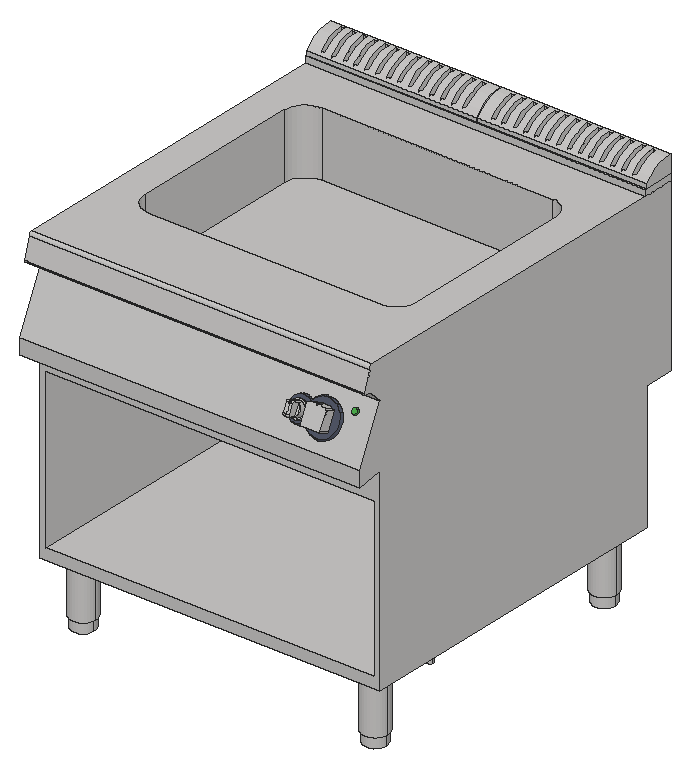
Revit family "QF_ZANUSSI_392142_Z9MFGHDIO0", category Specialty Equipment, Revit 2018
Family settings
  Round Connector Dimension = Use Diameter
  Part Type = Normal
  Work Plane-Based = No
  Always vertical = Yes
  Cut with Voids When Loaded = No
  Shared = No
  Room Calculation Point = No
Parameters
  Width = 800 mm  # constant formula
  Weight in Pounds = 115  # constant formula
  Weight = 0.00 kg
  Watts = 0 W
  Waste Water Discharge Temperature [instance] = -459.67 °F
  Volts = 0 V
  URL Manufacturer = "http://www.zanussiprofessional.com"
  URL Cutsheet = "www.electrolux.com/foodservice"
  URL = "http://www.zanussiprofessional.com"
  Type Mark [instance] = ""
  Steam Supply Size = 0"
  Steam Supply Minimum Pressure = 0.00 psi
  Steam Supply Maximum Pressure = 0.00 psi
  Steam Pounds per Hour = 0
  Status [instance] = ""
  Specification by User [instance] = ""
  Specification by Manufacturer = ""
  Show Logo [instance] = yes
  Show Clearance [instance] = yes
  Serial Number = ""
  Seismic Rating = ""
  SMACNA No = ""
  Revision Code [instance] = ""
  Refrigeration Suction Line Size = 0"
  Refrigeration Liquid Line Size = 0"
  Refrigerant Compressor Remote = yes
  Plumbing Remarks [instance] = ""
  Plumbing Connection Type [instance] = ""
  Phase = 0
  Omniclass Number and Title = ""
  NAFEM Spec ID Number = ""
  Model = "Z9MFGHDIO0"
  Mechanical Remarks [instance] = ""
  Mechanical Connection Type [instance] = ""
  Masterspec = ""
  Manufacturer = "Zanussi"
  Length Actual = 800 mm  # constant formula
  Item Number [instance] = "392142"
  Installed By [instance] = ""
  Indirect Waste Size = 2"
  Indirect Waste Flow [instance] = 0 GPM
  Indirect Waste Connection Type [instance] = ""
  Indirect Waste Connection Height = 0 mm
  Identify Quantity as Lot [instance] = yes
  Hot Water Size = 0"
  Height Actual = 850 mm  # constant formula
  Height = 850 mm  # constant formula
  HP = "0 HP"
  Gas Size = 1/2"  # constant formula
  Gas RI Height [instance] = 0 mm
  Gas KW = 14  # constant formula
  Gas Input = 47726.0 Btu/h  # constant formula
  Gas Connection Height [instance] = 0 mm
  Furnished By [instance] = ""
  Foodservice Equipment Identifier [instance] = yes
  Direct Waste Size = 0"
  Description = "GAS MULTIF. COOKER COMPOUND BOTTOM 22L"
  Depth Actual = 900 mm  # constant formula
  Depth = 915 mm  # constant formula
  Cycle = 0 Hz
  Condensate Return Size = 0"
  Compressed Air Volume = 0 GPM
  Compressed Air Size = 0"
  Compressed Air Pressure = 0.00 psi
  Cold Water Size = 0"
  CSI MasterFormat = ""
  CSI Master Format = ""
  Base Height [instance] = 150 mm  # constant formula
  Accessory = yes
Reference planes
  plane 1 "BACK": y = 0
  plane 2: z = 0
  plane 3 "LEFT": x = 0
  plane 4 "RIGHT": x = 800
  plane 5 "FRONT": y = -915
  plane 6 "TOP": z = 850
  plane 7 "Center Y": x = 400
  plane 8 "Center X": y = -457.5
  plane 9: z = 150
  plane 10: y = -126
  plane 11: y = -799
  plane 12: y = -695
  plane 13: x = 56
  plane 14: x = 744
  plane 15: x = 753
  plane 16: z = 908
  plane 17: x = 789
Forms (mm)
  Extrusion 1, solid, material "QF_Finishes_Stainless Steel"
    sketch origin (0, -198.623, 0) x (0, 1, 0) y (0, 0, 1)
      loop
        line (198.623, 450.038) -> (198.623, 850) -> (-680.735, 850)
        arc (-680.735, 850) -> (-686.02, 847.811) -> (-688.209, 842.526) r 7.474
        line (-688.209, 842.526) -> (-701.26, 797.011)
        arc (-701.26, 797.011) -> (-700.772, 794.379) -> (-698.377, 793.184) r 3
        line (-698.377, 793.184) -> (-688.178, 793.184) -> (-656.358, 761.364) -> (-716.377, 640.508) -> (-716.377, 605.508) -> (-660.022, 613.428)
        arc (-660.022, 613.428) -> (-657.477, 612.674) -> (-656.377, 610.259) r 3.2
        line (-656.377, 610.259) -> (-656.377, 150) -> (127.186, 150) -> (127.186, 450.038) -> (198.623, 450.038)
    from 0 to 800
  Extrusion 2, void
    sketch origin (0, -198.623, 850.238) x (-1, 0, 0) y (0, -1, 0)
      loop
        line (-670, -11.863) -> (-128.433, -11.863)
        arc (-128.433, -11.863) -> (-93.078, 2.782) -> (-78.433, 38.137) r 50
        line (-78.433, 38.137) -> (-78.433, 446.377)
        arc (-78.433, 446.377) -> (-93.078, 481.732) -> (-128.433, 496.377) r 50
        line (-128.433, 496.377) -> (-670, 496.377)
        arc (-670, 496.377) -> (-705.355, 481.732) -> (-720, 446.377) r 50
        line (-720, 446.377) -> (-720, 38.137)
        arc (-720, 38.137) -> (-705.355, 2.782) -> (-670, -11.863) r 50
    from 0 to -152.4
  Extrusion 3, solid, material "QF_Clearances", visible <- "Show Clearance", detail levels coarse
    sketch origin (0, -198.623, 0) x (1, 0, 0) y (0, 1, 0)
      loop
        line (0, -716.377) -> (0, 198.623) -> (800, 198.623) -> (800, -716.377) -> (950.019, -716.377) -> (950.019, 348.642) -> (-150.019, 348.642) -> (-150.019, -716.377) -> (0, -716.377)
    from 0 to 850.238
  Revolve 4, solid, material "QF_Finishes_Stainless Steel"
    sketch origin (0, -126, 608.09) x (0, 0, 1) y (-1, 0, 0)
      loop
        line (-608.09, -56) -> (-458.09, -56) -> (-458.09, -26) -> (-583.09, -26) -> (-583.09, -29.75) -> (-608.09, -29.75) -> (-608.09, -56)
      axis (-608.09, -56) -> (-458.09, -56)
    angle from 0 to 360
  Revolve 5, solid, material "QF_Finishes_Stainless Steel"
    sketch origin (800.1, -126, 608.09) x (0, 0, 1) y (-1, 0, 0)
      loop
        line (-608.09, 56.1) -> (-608.09, 29.85) -> (-583.09, 29.85) -> (-583.09, 26.1) -> (-458.09, 26.1) -> (-458.09, 56.1) -> (-608.09, 56.1)
      axis (-608.09, 56.1) -> (-458.09, 56.1)
    angle from 0 to 360
  Extrusion 6, solid, material "QF_Finishes_Stainless Steel"
    sketch origin (-77.88, -4770.623, 533.7) x (-1, 0, 0) y (0, -1, 0)
      loop
        circle (-368.88, -4124.623) r 25.4
    from 67.3 to -12.7
  Extrusion 7, void
    sketch origin (0, -858.023, 150) x (0, 0, -1) y (-1, 0, 0)
      loop
        line (-25.4, -12.7) -> (-397.9, -12.7) -> (-397.9, -787.3) -> (-25.4, -787.3) -> (-25.4, -12.7)
    from 0 to 570.276
  Extrusion 8, void
    sketch origin (0, -198.623, 697.838) x (0, -1, 0) y (-1, 0, 0)
      loop
        circle (447.377, -291) r 25.4
    from 0 to 96.838
  Extrusion 9, solid, material "QF_Finishes_Stainless Steel"
    sketch origin (0, -70, 150) x (-1, 0, 0) y (0, 1, 0)
      loop
        circle (-789, -624) r 6.604
    from 0 to 12.7
  Extrusion 10, solid, material "QF_Finishes_Stainless Steel"
    sketch origin (-45.315, -48.869, 150) x (-1, 0, 0) y (0, 1, 0)
      loop
        circle (-798.315, -601.131) r 6.35
    from 0 to 12.7
  Extrusion 11, solid, material "QF_Finishes_Stainless Steel"
    sketch origin (0, -198.623, 14.763) x (0, 1, 0) y (0, 0, 1)
      loop
        line (198.623, 850) -> (125, 850) -> (125, 835.237) -> (198.623, 835.237) -> (198.623, 850)
    from 0 to 800
  Extrusion 12, solid, material "QF_Finishes_Stainless Steel"
    sketch origin (0, 0, 589.025) x (0, 1, 0) y (0, 0, 1)
      loop
        line (0, 275.738) -> (0, 318.975)
        arc (0, 318.975) -> (-38.83, 310.044) -> (-69.85, 285.038) r 88.827
        line (-69.85, 285.038) -> (-69.85, 275.738) -> (0, 275.738)
    from 0 to 400
  Extrusion 13, void
    sketch origin (0, 0, 863.663) x (0, -1, 0) y (1, 0, 0)
      loop
        line (6.761, 28.703) -> (63.911, 28.703) -> (63.911, 37.999) -> (6.761, 37.999) -> (6.761, 28.703)
      loop
        line (63.911, 63.487) -> (6.761, 63.487) -> (6.761, 54.191) -> (63.911, 54.191) -> (63.911, 63.487)
      loop
        line (63.911, 89.975) -> (6.761, 89.975) -> (6.761, 80.68) -> (63.911, 80.68) -> (63.911, 89.975)
      loop
        line (63.911, 115.464) -> (6.761, 115.464) -> (6.761, 106.168) -> (63.911, 106.168) -> (63.911, 115.464)
      loop
        line (63.911, 140.952) -> (6.761, 140.952) -> (6.761, 131.656) -> (63.911, 131.656) -> (63.911, 140.952)
      loop
        line (63.911, 166.44) -> (6.761, 166.44) -> (6.761, 157.145) -> (63.911, 157.145) -> (63.911, 166.44)
      loop
        line (63.911, 191.929) -> (6.761, 191.929) -> (6.761, 182.633) -> (63.911, 182.633) -> (63.911, 191.929)
      loop
        line (63.911, 217.417) -> (6.761, 217.417) -> (6.761, 208.121) -> (63.911, 208.121) -> (63.911, 217.417)
      loop
        line (63.911, 242.905) -> (6.761, 242.905) -> (6.761, 233.61) -> (63.911, 233.61) -> (63.911, 242.905)
      loop
        line (63.911, 268.394) -> (6.761, 268.394) -> (6.761, 259.098) -> (63.911, 259.098) -> (63.911, 268.394)
      loop
        line (63.911, 293.882) -> (6.761, 293.882) -> (6.761, 284.586) -> (63.911, 284.586) -> (63.911, 293.882)
      loop
        line (63.911, 319.37) -> (6.761, 319.37) -> (6.761, 310.075) -> (63.911, 310.075) -> (63.911, 319.37)
      loop
        line (63.911, 345.859) -> (6.761, 345.859) -> (6.761, 336.563) -> (63.911, 336.563) -> (63.911, 345.859)
      loop
        line (63.911, 370.347) -> (6.761, 370.347) -> (6.761, 361.051) -> (63.911, 361.051) -> (63.911, 370.347)
    from 10.267 to 63.5
  Extrusion 14, solid, material "QF_Finishes_Green"
    sketch origin (300, -911.706, 647.191) x (0, 0.444967, 0.895547) y (-1, 0, 0)
      loop
        circle (93.566, -454.95) r 6.35
    from 0 to 3.175
  Extrusion 15, solid, material "QF_Finishes_Stainless Steel"
    sketch origin (800, 0, 589.025) x (0, 1, 0) y (0, 0, -1)
      loop
        line (0, -275.738) -> (-69.85, -275.738) -> (-69.85, -285.038)
        arc (-69.85, -285.038) -> (-38.83, -310.044) -> (0, -318.975) r 88.827
        line (0, -318.975) -> (0, -275.738)
    from 0 to 400
  Extrusion 16, void
    sketch origin (800, 0, 863.663) x (0, -1, 0) y (1, 0, 0)
      loop
        line (6.761, -28.703) -> (6.761, -37.999) -> (63.911, -37.999) -> (63.911, -28.703) -> (6.761, -28.703)
      loop
        line (63.911, -63.487) -> (63.911, -54.191) -> (6.761, -54.191) -> (6.761, -63.487) -> (63.911, -63.487)
      loop
        line (63.911, -89.975) -> (63.911, -80.68) -> (6.761, -80.68) -> (6.761, -89.975) -> (63.911, -89.975)
      loop
        line (63.911, -115.464) -> (63.911, -106.168) -> (6.761, -106.168) -> (6.761, -115.464) -> (63.911, -115.464)
      loop
        line (63.911, -140.952) -> (63.911, -131.656) -> (6.761, -131.656) -> (6.761, -140.952) -> (63.911, -140.952)
      loop
        line (63.911, -166.44) -> (63.911, -157.145) -> (6.761, -157.145) -> (6.761, -166.44) -> (63.911, -166.44)
      loop
        line (63.911, -191.929) -> (63.911, -182.633) -> (6.761, -182.633) -> (6.761, -191.929) -> (63.911, -191.929)
      loop
        line (63.911, -217.417) -> (63.911, -208.121) -> (6.761, -208.121) -> (6.761, -217.417) -> (63.911, -217.417)
      loop
        line (63.911, -242.905) -> (63.911, -233.61) -> (6.761, -233.61) -> (6.761, -242.905) -> (63.911, -242.905)
      loop
        line (63.911, -268.394) -> (63.911, -259.098) -> (6.761, -259.098) -> (6.761, -268.394) -> (63.911, -268.394)
      loop
        line (63.911, -293.882) -> (63.911, -284.586) -> (6.761, -284.586) -> (6.761, -293.882) -> (63.911, -293.882)
      loop
        line (63.911, -319.37) -> (63.911, -310.075) -> (6.761, -310.075) -> (6.761, -319.37) -> (63.911, -319.37)
      loop
        line (63.911, -345.859) -> (63.911, -336.563) -> (6.761, -336.563) -> (6.761, -345.859) -> (63.911, -345.859)
      loop
        line (63.911, -370.347) -> (63.911, -361.051) -> (6.761, -361.051) -> (6.761, -370.347) -> (63.911, -370.347)
    from 10.267 to 63.5
  Revolve 17, solid, material "QF_Finishes_Stainless Steel"
    sketch origin (0, -799, 608.09) x (0, 0, 1) y (-1, 0, 0)
      loop
        line (-608.09, -56) -> (-458.09, -56) -> (-458.09, -26) -> (-583.09, -26) -> (-583.09, -29.75) -> (-608.09, -29.75) -> (-608.09, -56)
      axis (-608.09, -56) -> (-458.09, -56)
    angle from 0 to 360
  Revolve 18, solid, material "QF_Finishes_Stainless Steel"
    sketch origin (800.1, -799, 608.09) x (0, 0, 1) y (-1, 0, 0)
      loop
        line (-608.09, 56.1) -> (-608.09, 29.85) -> (-583.09, 29.85) -> (-583.09, 26.1) -> (-458.09, 26.1) -> (-458.09, 56.1) -> (-608.09, 56.1)
      axis (-608.09, 56.1) -> (-458.09, 56.1)
    angle from 0 to 360
  Blend 19, solid, material "QF_Finishes_Navy Blue"
    base sketch origin (691.56, -884.991, 700.936) x (1, 0, 0) y (0, 0.444649, 0.895705)
      loop
        arc (-35.05, -24.037) -> (42.5, 0) -> (-35.05, 24.037) r 42.5
        arc (-35.05, 24.037) -> (-83, 0) -> (-35.05, -24.037) r 30
    top sketch origin (691.56, -884.991, 700.936) x (1, 0, 0) y (0, 0.444649, 0.895705)
      loop
        arc (-34.578, -21.086) -> (40.5, 0) -> (-34.578, 21.086) r 40.5
        arc (-34.578, 21.086) -> (-81, 0) -> (-34.578, -21.086) r 28
    from 0 to 5
  Extrusion 20, solid, material "QF_Finishes_Stainless Steel"
    sketch origin (691.56, -884.991, 700.936) x (1, 0, 0) y (0, 0.444649, 0.895705)
      loop
        circle (-55.001, -0.341) r 20
    from 5 to 10
  Revolve 21, solid, material "QF_Finishes_Stainless Steel"
    sketch origin (636.559, -884.991, 700.936) x (0, -0.444649, -0.895705) y (0, -0.895705, 0.444649)
      loop
        line (0.341, 10) -> (16.341, 10) -> (16.341, 37)
        arc (16.341, 37) -> (15.462, 39.121) -> (13.341, 40) r 3
        line (13.341, 40) -> (0.341, 40) -> (0.341, 10)
      axis (0.341, 10) -> (0.341, 40)
    angle from 0 to 360
  Extrusion 22, void
    sketch origin (691.56, -884.991, 700.936) x (1, 0, 0) y (0, -0.895705, 0.444649)
      loop
        line (-62.999, 24.837) -> (-62.999, 40) -> (-71.893, 40) -> (-71.893, 22) -> (-65.835, 22)
        arc (-65.835, 22) -> (-63.827, 22.828) -> (-62.999, 24.837) r 2.827
      loop
        arc (-47.003, 24.837) -> (-46.175, 22.828) -> (-44.167, 22) r 2.827
        line (-44.167, 22) -> (-38.109, 22) -> (-38.109, 40) -> (-47.003, 40) -> (-47.003, 24.837)
    from -20.019 to 20.019
  Extrusion 23, solid, material "QF_Finishes_Stainless Steel"
    sketch origin (691.56, -884.991, 700.936) x (1, 0, 0) y (0, 0.444649, 0.895705)
      loop
        arc (-21.147, 22.789) -> (-22.494, 21.685) -> (-23, 20.019) r 2.997
        line (-23, 20.019) -> (-23, -20.019)
        arc (-23, -20.019) -> (-22.122, -22.138) -> (-20.003, -23.016) r 2.997
        line (-20.003, -23.016) -> (20.003, -23.016)
        arc (20.003, -23.016) -> (22.122, -22.138) -> (23, -20.019) r 2.997
        line (23, -20.019) -> (23, 20.019)
        arc (23, 20.019) -> (22.494, 21.685) -> (21.147, 22.789) r 2.997
        arc (21.147, 22.789) -> (0, 26.984) -> (-21.147, 22.789) r 55.4
    from 10 to 34
  Extrusion 24, solid, material "QF_Plastic-Black-Matte"
    sketch origin (691.56, -884.991, 700.936) x (0, 0.444649, 0.895705) y (0, -0.895705, 0.444649)
      loop
        line (26.984, 34) -> (26.984, 19) -> (27.984, 19) -> (27.984, 34)
        arc (27.984, 34) -> (27.691, 34.707) -> (26.984, 35) r 1
        line (26.984, 35) -> (23.984, 35) -> (23.984, 34) -> (26.984, 34)
    from -1 to 1
  Extrusion 25, solid, material "QF_Plastic-Black-Matte"
    sketch origin (636.559, -884.991, 700.936) x (0, -0.444649, -0.895705) y (0, -0.895705, 0.444649)
      loop
        line (-10.258, 39.984) -> (-10.258, 40.984) -> (-12.874, 40.984)
        arc (-12.874, 40.984) -> (-15.536, 39.882) -> (-16.638, 37.22) r 3.764
        line (-16.638, 37.22) -> (-16.638, 25.027) -> (-15.638, 25.027) -> (-15.638, 37.22)
        arc (-15.638, 37.22) -> (-14.829, 39.175) -> (-12.874, 39.984) r 2.764
        line (-12.874, 39.984) -> (-10.258, 39.984)
    from 1 to -1
  Extrusion 26, solid, material "QF_Finishes_Stainless Steel"
    sketch origin (422.168, -1002.273, 464.681) x (0, 0.444649, 0.895705) y (-1, 0, 0)
      loop
        line (246.264, -286.892) -> (281.264, -286.892) -> (281.264, -251.892) -> (246.264, -251.892) -> (246.264, -286.892)
    from 5 to 10
Cuts and joins
  Extrusion 2, Extrusion 7, Extrusion 8 cuts Extrusion 1
  Extrusion 13, Extrusion 16 cuts Extrusion 12
  Extrusion 16 cuts Extrusion 15
  Extrusion 22 cuts Extrusion 23
  Extrusion 22 cuts Revolve 21
Lines and regions (mm)
  Split face 1
    outline origin (691.56, -889.469, 703.159) x (1, 0, 0) y (0, 0.444649, 0.895705)
      loop
        circle (0, 33) r 1
  Split face 2
    outline origin (691.56, -889.469, 703.159) x (1, 0, 0) y (0, 0.444649, 0.895705)
      loop
        circle (-8.541, 31.876) r 1
  Split face 3
    outline origin (691.56, -889.469, 703.159) x (1, 0, 0) y (0, 0.444649, 0.895705)
      loop
        circle (-16.5, 28.579) r 1
  Split face 4
    outline origin (691.56, -889.469, 703.159) x (1, 0, 0) y (0, 0.444649, 0.895705)
      loop
        circle (-23.335, 23.335) r 1
  Split face 5
    outline origin (691.56, -889.469, 703.159) x (1, 0, 0) y (0, 0.444649, 0.895705)
      loop
        circle (-28.579, 16.5) r 1
  Split face 6
    outline origin (691.56, -889.469, 703.159) x (1, 0, 0) y (0, 0.444649, 0.895705)
      loop
        circle (-31.876, 8.541) r 1
  Split face 7
    outline origin (691.56, -889.469, 703.159) x (1, 0, 0) y (0, 0.444649, 0.895705)
      loop
        circle (-33, 0) r 1
  Split face 8
    outline origin (691.56, -889.469, 703.159) x (-1, 0, 0) y (0, 0.444649, 0.895705)
      loop
        circle (-8.541, 31.876) r 1
  Split face 9
    outline origin (691.56, -889.469, 703.159) x (-1, 0, 0) y (0, 0.444649, 0.895705)
      loop
        circle (-16.5, 28.579) r 1
  Split face 10
    outline origin (691.56, -889.469, 703.159) x (-1, 0, 0) y (0, 0.444649, 0.895705)
      loop
        circle (-23.335, 23.335) r 1
  Split face 11
    outline origin (691.56, -889.469, 703.159) x (-1, 0, 0) y (0, 0.444649, 0.895705)
      loop
        circle (-28.579, 16.5) r 1
  Split face 12
    outline origin (691.56, -889.469, 703.159) x (-1, 0, 0) y (0, 0.444649, 0.895705)
      loop
        circle (-31.876, 8.541) r 1
  Split face 13
    outline origin (691.56, -889.469, 703.159) x (1, 0, 0) y (0, -0.444649, -0.895705)
      loop
        circle (0, 33) r 1
  Split face 14
    outline origin (691.56, -889.469, 703.159) x (1, 0, 0) y (0, -0.444649, -0.895705)
      loop
        circle (-8.541, 31.876) r 1
  Split face 15
    outline origin (691.56, -889.469, 703.159) x (1, 0, 0) y (0, -0.444649, -0.895705)
      loop
        circle (-16.5, 28.579) r 1
  Split face 16
    outline origin (691.56, -889.469, 703.159) x (1, 0, 0) y (0, -0.444649, -0.895705)
      loop
        circle (-23.335, 23.335) r 1
  Split face 17
    outline origin (691.56, -889.469, 703.159) x (1, 0, 0) y (0, -0.444649, -0.895705)
      loop
        circle (-28.579, 16.5) r 1
  Split face 18
    outline origin (691.56, -889.469, 703.159) x (1, 0, 0) y (0, -0.444649, -0.895705)
      loop
        circle (-31.876, 8.541) r 1
  Split face 19
    outline origin (691.56, -889.469, 703.159) x (-1, 0, 0) y (0, -0.444649, -0.895705)
      loop
        circle (-8.541, 31.876) r 1
  Split face 20
    outline origin (691.56, -889.469, 703.159) x (-1, 0, 0) y (0, -0.444649, -0.895705)
      loop
        circle (-16.5, 28.579) r 1
  Split face 21
    outline origin (691.56, -889.469, 703.159) x (-1, 0, 0) y (0, -0.444649, -0.895705)
      loop
        circle (-23.335, 23.335) r 1
  Split face 22
    outline origin (691.56, -889.469, 703.159) x (-1, 0, 0) y (0, -0.444649, -0.895705)
      loop
        circle (-28.579, 16.5) r 1
  Split face 23
    outline origin (691.56, -889.469, 703.159) x (-1, 0, 0) y (0, -0.444649, -0.895705)
      loop
        circle (-31.876, 8.541) r 1
  Split face 24
    outline origin (691.56, -889.469, 703.159) x (1, 0, 0) y (0, 0.444649, 0.895705)
      loop
        circle (33, 0) r 1
  Split face 25
    outline origin (691.56, -889.469, 703.159) x (1, 0, 0) y (0, 0.444649, 0.895705)
      loop
        circle (-55.001, 22) r 1.508
  Split face 26
    outline origin (691.56, -889.469, 703.159) x (1, 0, 0) y (0, 0.444649, 0.895705)
      loop
        circle (-77.001, 5.543) r 1.5
  Split face 27
    outline origin (691.56, -889.469, 703.159) x (1, 0, 0) y (0, 0.444649, 0.895705)
      loop
        line (-56.273, -20.786) -> (-56.273, -25.164) -> (-53.729, -25.164) -> (-53.729, -20.786) -> (-56.273, -20.786)
  Split face 28
    outline origin (691.56, -889.469, 703.159) x (1, 0, 0) y (0, 0.444649, 0.895705)
      loop
        line (-72.599, 14.928) -> (-71.068, 13.398) -> (-62.715, 20.407) -> (-72.599, 14.928)
  symbolic lines, style "QF_Clearances", visible <- "Show Clearance", detail levels coarse
    curve 1: line (-150.019, 150.019, 850.238) -> (-150.019, -915, 850.238)
    curve 2: line (950.019, 150.019, 850.237) -> (-150.019, 150.019, 850.238)
    curve 3: line (950.019, -915, 850.237) -> (950.019, 150.019, 850.237)
  symbolic lines
    curve 4: line (0, 0, 850.238) -> (800, 0, 850.237)
    curve 5: line (0, -915, 850.238) -> (0, 0, 850.238)
    curve 6: line (800, 0, 850.237) -> (800, -915, 850.237)
    curve 7: line (0, -73.623, 850.238) -> (800, -73.623, 850.237)
    curve 8: line (670, -186.761, 850.237) -> (128.433, -186.761, 850.237)
    curve 9: arc (128.433, -186.761, 850.237) -> (93.078, -201.406, 850.238) -> (78.433, -236.761, 850.238) r 50
    curve 10: line (78.433, -236.761, 850.238) -> (78.433, -645, 850.238)
    curve 11: arc (78.433, -645, 850.238) -> (93.078, -680.355, 850.238) -> (128.433, -695, 850.237) r 50
    curve 12: line (128.433, -695, 850.237) -> (670, -695, 850.237)
    curve 13: arc (670, -186.761, 850.237) -> (705.355, -201.406, 850.237) -> (720, -236.761, 850.237) r 50
    curve 14: line (720, -236.761, 850.237) -> (720, -645, 850.237)
    curve 15: arc (720, -645, 850.237) -> (705.355, -680.355, 850.237) -> (670, -695, 850.237) r 50
    curve 16: arc (291, -620.6, 850.237) -> (316.4, -646, 850.237) -> (291, -671.4, 850.237) r 25.4
    curve 17: arc (291, -671.4, 850.237) -> (265.6, -646, 850.237) -> (291, -620.6, 850.237) r 25.4
    curve 18: line (28.703, -63.911, 850.238) -> (37.999, -63.911, 850.238)
    curve 19: line (28.703, -6.761, 850.238) -> (28.703, -63.911, 850.238)
    curve 20: line (37.999, -6.761, 850.238) -> (28.703, -6.761, 850.238)
    curve 21: line (37.999, -63.911, 850.238) -> (37.999, -6.761, 850.238)
    curve 22: line (54.191, -63.911, 850.238) -> (63.487, -63.911, 850.238)
    curve 23: line (54.191, -6.761, 850.238) -> (54.191, -63.911, 850.238)
    curve 24: line (63.487, -6.761, 850.238) -> (54.191, -6.761, 850.238)
    curve 25: line (63.487, -63.911, 850.238) -> (63.487, -6.761, 850.238)
    curve 26: line (80.68, -63.911, 850.237) -> (89.975, -63.911, 850.237)
    curve 27: line (80.68, -6.761, 850.237) -> (80.68, -63.911, 850.237)
    curve 28: line (89.975, -6.761, 850.237) -> (80.68, -6.761, 850.237)
    curve 29: line (89.975, -63.911, 850.237) -> (89.975, -6.761, 850.237)
    curve 30: line (106.168, -63.911, 850.237) -> (115.464, -63.911, 850.237)
    curve 31: line (106.168, -6.761, 850.237) -> (106.168, -63.911, 850.237)
    curve 32: line (115.464, -6.761, 850.237) -> (106.168, -6.761, 850.237)
    curve 33: line (115.464, -63.911, 850.237) -> (115.464, -6.761, 850.237)
    curve 34: line (131.656, -63.911, 850.237) -> (140.952, -63.911, 850.237)
    curve 35: line (131.656, -6.761, 850.237) -> (131.656, -63.911, 850.237)
    curve 36: line (140.952, -6.761, 850.237) -> (131.656, -6.761, 850.237)
    curve 37: line (140.952, -63.911, 850.237) -> (140.952, -6.761, 850.237)
    curve 38: line (157.145, -63.911, 850.237) -> (166.44, -63.911, 850.237)
    curve 39: line (157.145, -6.761, 850.237) -> (157.145, -63.911, 850.237)
    curve 40: line (166.44, -6.761, 850.237) -> (157.145, -6.761, 850.237)
    curve 41: line (166.44, -63.911, 850.237) -> (166.44, -6.761, 850.237)
    curve 42: line (182.633, -63.911, 850.237) -> (191.929, -63.911, 850.237)
    curve 43: line (182.633, -6.761, 850.237) -> (182.633, -63.911, 850.237)
    curve 44: line (191.929, -6.761, 850.237) -> (182.633, -6.761, 850.237)
    curve 45: line (191.929, -63.911, 850.237) -> (191.929, -6.761, 850.237)
    curve 46: line (208.121, -63.911, 850.237) -> (217.417, -63.911, 850.237)
    curve 47: line (208.121, -6.761, 850.237) -> (208.121, -63.911, 850.237)
    curve 48: line (217.417, -6.761, 850.237) -> (208.121, -6.761, 850.237)
    curve 49: line (217.417, -63.911, 850.237) -> (217.417, -6.761, 850.237)
    curve 50: line (233.61, -63.911, 850.237) -> (242.905, -63.911, 850.237)
    curve 51: line (233.61, -6.761, 850.237) -> (233.61, -63.911, 850.237)
    curve 52: line (242.905, -6.761, 850.237) -> (233.61, -6.761, 850.237)
    curve 53: line (242.905, -63.911, 850.237) -> (242.905, -6.761, 850.237)
    curve 54: line (259.098, -63.911, 850.237) -> (268.394, -63.911, 850.237)
    curve 55: line (259.098, -6.761, 850.237) -> (259.098, -63.911, 850.237)
    curve 56: line (268.394, -6.761, 850.237) -> (259.098, -6.761, 850.237)
    curve 57: line (268.394, -63.911, 850.237) -> (268.394, -6.761, 850.237)
    curve 58: line (284.586, -63.911, 850.237) -> (293.882, -63.911, 850.237)
    curve 59: line (284.586, -6.761, 850.237) -> (284.586, -63.911, 850.237)
    curve 60: line (293.882, -6.761, 850.237) -> (284.586, -6.761, 850.237)
    curve 61: line (293.882, -63.911, 850.237) -> (293.882, -6.761, 850.237)
    curve 62: line (310.075, -63.911, 850.237) -> (319.37, -63.911, 850.237)
    curve 63: line (310.075, -6.761, 850.237) -> (310.075, -63.911, 850.237)
    curve 64: line (319.37, -6.761, 850.237) -> (310.075, -6.761, 850.237)
    curve 65: line (319.37, -63.911, 850.237) -> (319.37, -6.761, 850.237)
    curve 66: line (336.563, -63.911, 850.237) -> (345.859, -63.911, 850.237)
    curve 67: line (336.563, -6.761, 850.237) -> (336.563, -63.911, 850.237)
    curve 68: line (345.859, -6.761, 850.237) -> (336.563, -6.761, 850.237)
    curve 69: line (345.859, -63.911, 850.237) -> (345.859, -6.761, 850.237)
    curve 70: line (361.051, -63.911, 850.237) -> (370.347, -63.911, 850.237)
    curve 71: line (361.051, -6.761, 850.237) -> (361.051, -63.911, 850.237)
    curve 72: line (370.347, -6.761, 850.237) -> (361.051, -6.761, 850.237)
    curve 73: line (370.347, -63.911, 850.237) -> (370.347, -6.761, 850.237)
    curve 74: line (429.653, -63.911, 850.237) -> (438.949, -63.911, 850.237)
    curve 75: line (429.653, -6.761, 850.237) -> (429.653, -63.911, 850.237)
    curve 76: line (438.949, -6.761, 850.237) -> (429.653, -6.761, 850.237)
    curve 77: line (438.949, -63.911, 850.237) -> (438.949, -6.761, 850.237)
    curve 78: line (454.141, -63.911, 850.237) -> (463.437, -63.911, 850.237)
    curve 79: line (454.141, -6.761, 850.237) -> (454.141, -63.911, 850.237)
    curve 80: line (463.437, -6.761, 850.237) -> (454.141, -6.761, 850.237)
    curve 81: line (463.437, -63.911, 850.237) -> (463.437, -6.761, 850.237)
    curve 82: line (480.63, -63.911, 850.237) -> (489.925, -63.911, 850.237)
    curve 83: line (480.63, -6.761, 850.237) -> (480.63, -63.911, 850.237)
    curve 84: line (489.925, -6.761, 850.237) -> (480.63, -6.761, 850.237)
    curve 85: line (489.925, -63.911, 850.237) -> (489.925, -6.761, 850.237)
    curve 86: line (506.118, -63.911, 850.237) -> (515.414, -63.911, 850.237)
    curve 87: line (506.118, -6.761, 850.237) -> (506.118, -63.911, 850.237)
    curve 88: line (515.414, -6.761, 850.237) -> (506.118, -6.761, 850.237)
    curve 89: line (515.414, -63.911, 850.237) -> (515.414, -6.761, 850.237)
    curve 90: line (531.606, -63.911, 850.237) -> (540.902, -63.911, 850.237)
    curve 91: line (531.606, -6.761, 850.237) -> (531.606, -63.911, 850.237)
    curve 92: line (540.902, -6.761, 850.237) -> (531.606, -6.761, 850.237)
    curve 93: line (540.902, -63.911, 850.237) -> (540.902, -6.761, 850.237)
    curve 94: line (557.095, -63.911, 850.237) -> (566.39, -63.911, 850.237)
    curve 95: line (557.095, -6.761, 850.237) -> (557.095, -63.911, 850.237)
    curve 96: line (566.39, -6.761, 850.237) -> (557.095, -6.761, 850.237)
    curve 97: line (566.39, -63.911, 850.237) -> (566.39, -6.761, 850.237)
    curve 98: line (582.583, -63.911, 850.237) -> (591.879, -63.911, 850.237)
    curve 99: line (582.583, -6.761, 850.237) -> (582.583, -63.911, 850.237)
    curve 100: line (591.879, -6.761, 850.237) -> (582.583, -6.761, 850.237)
    curve 101: line (591.879, -63.911, 850.237) -> (591.879, -6.761, 850.237)
    curve 102: line (608.071, -63.911, 850.237) -> (617.367, -63.911, 850.237)
    curve 103: line (608.071, -6.761, 850.237) -> (608.071, -63.911, 850.237)
    curve 104: line (617.367, -6.761, 850.237) -> (608.071, -6.761, 850.237)
    curve 105: line (617.367, -63.911, 850.237) -> (617.367, -6.761, 850.237)
    curve 106: line (633.56, -63.911, 850.237) -> (642.855, -63.911, 850.237)
    curve 107: line (633.56, -6.761, 850.237) -> (633.56, -63.911, 850.237)
    curve 108: line (642.855, -6.761, 850.237) -> (633.56, -6.761, 850.237)
    curve 109: line (642.855, -63.911, 850.237) -> (642.855, -6.761, 850.237)
    curve 110: line (659.048, -63.911, 850.237) -> (668.344, -63.911, 850.237)
    curve 111: line (659.048, -6.761, 850.237) -> (659.048, -63.911, 850.237)
    curve 112: line (668.344, -6.761, 850.237) -> (659.048, -6.761, 850.237)
    curve 113: line (668.344, -63.911, 850.237) -> (668.344, -6.761, 850.237)
    curve 114: line (684.536, -63.911, 850.237) -> (693.832, -63.911, 850.237)
    curve 115: line (684.536, -6.761, 850.237) -> (684.536, -63.911, 850.237)
    curve 116: line (693.832, -6.761, 850.237) -> (684.536, -6.761, 850.237)
    curve 117: line (693.832, -63.911, 850.237) -> (693.832, -6.761, 850.237)
    curve 118: line (710.025, -63.911, 850.237) -> (719.32, -63.911, 850.237)
    curve 119: line (710.025, -6.761, 850.237) -> (710.025, -63.911, 850.237)
    curve 120: line (719.32, -6.761, 850.237) -> (710.025, -6.761, 850.237)
    curve 121: line (719.32, -63.911, 850.237) -> (719.32, -6.761, 850.237)
    curve 122: line (736.513, -63.911, 850.237) -> (745.809, -63.911, 850.237)
    curve 123: line (736.513, -6.761, 850.237) -> (736.513, -63.911, 850.237)
    curve 124: line (745.809, -6.761, 850.237) -> (736.513, -6.761, 850.237)
    curve 125: line (745.809, -63.911, 850.237) -> (745.809, -6.761, 850.237)
    curve 126: line (762.001, -63.911, 850.237) -> (771.297, -63.911, 850.237)
    curve 127: line (762.001, -6.761, 850.237) -> (762.001, -63.911, 850.237)
    curve 128: line (771.297, -6.761, 850.237) -> (762.001, -6.761, 850.237)
    curve 129: line (771.297, -63.911, 850.237) -> (771.297, -6.761, 850.237)
    curve 130: line (400, -73.623, 850.237) -> (400, 0, 850.237)
    curve 131: line (668.56, -899.999, 0) -> (668.56, -924.346, 0)
    curve 132: arc (668.56, -924.346, 0) -> (668.707, -924.81, 0) -> (669.093, -925.106, 0) r 0.809
    curve 133: arc (669.093, -925.106, 0) -> (670.28, -925.586, 0) -> (671.558, -925.679, 0) r 4.127
    curve 134: arc (668.56, -904.292, 0) -> (663.519, -902.458, 0) -> (658.751, -899.999, 0) r 42.24
    curve 135: arc (668.56, -906.538, 0) -> (669.063, -905.817, 0) -> (669.86, -905.448, 0) r 1.682
    curve 136: arc (669.86, -905.448, 0) -> (680.162, -903.949, 0) -> (690.56, -903.44, 0) r 109.079
    curve 137: line (690.56, -899.999, 0) -> (690.56, -905.67, 0)
    curve 138: line (690.56, -905.67, 0) -> (692.56, -905.67, 0)
    curve 139: line (692.56, -905.67, 0) -> (692.56, -899.999, 0)
    curve 140: line (714.56, -899.999, 0) -> (714.56, -924.346, 0)
    curve 141: arc (714.56, -924.346, 0) -> (714.414, -924.81, 0) -> (714.028, -925.106, 0) r 0.809
    curve 142: arc (714.028, -925.106, 0) -> (712.841, -925.586, 0) -> (711.563, -925.679, 0) r 4.127
    curve 143: arc (714.56, -904.292, 0) -> (719.602, -902.458, 0) -> (724.37, -899.999, 0) r 42.24
    curve 144: arc (714.56, -906.538, 0) -> (714.058, -905.817, 0) -> (713.261, -905.448, 0) r 1.682
    curve 145: arc (713.261, -905.448, 0) -> (702.959, -903.949, 0) -> (692.56, -903.44, 0) r 109.079
    curve 146: line (671.558, -925.679, 0) -> (711.563, -925.679, 0)
    curve 147: line (628.562, -925.976, 908.9) -> (628.562, -901.223, 908.9)
    curve 148: line (644.557, -901.223, 908.9) -> (644.557, -925.976, 908.9)
    curve 149: spline (625.926, -910.163, 908.9) -> (624.437, -909.49, 908.9) -> (623.161, -908.736, 908.9) -> (622.122, -907.913, 908.9) -> (621.336, -907.036, 908.9) -> (620.818, -906.12, 908.9) -> (620.577, -905.182, 908.9) -> (620.618, -904.239, 908.9) -> (620.939, -903.305, 908.9) -> (621.535, -902.399, 908.9) -> (622.395, -901.536, 908.9) -> (623.504, -900.732, 908.9) -> (624.843, -899.999, 908.9)
    curve 150: spline (648.274, -899.999, 908.9) -> (649.618, -900.734, 908.9) -> (650.731, -901.542, 908.9) -> (651.592, -902.409, 908.9) -> (652.188, -903.319, 908.9) -> (652.506, -904.255, 908.9) -> (652.542, -905.203, 908.9) -> (652.295, -906.144, 908.9) -> (651.769, -907.062, 908.9) -> (650.974, -907.941, 908.9) -> (649.923, -908.765, 908.9) -> (648.636, -909.52, 908.9) -> (647.135, -910.192, 908.9)
    curve 151: spline (647.135, -910.192, 908.9) -> (646.854, -910.321, 908.9) -> (646.573, -910.486, 908.9) -> (646.295, -910.685, 908.9) -> (646.025, -910.917, 908.9) -> (645.767, -911.176, 908.9) -> (645.523, -911.46, 908.9) -> (645.298, -911.764, 908.9) -> (645.096, -912.084, 908.9) -> (644.918, -912.415, 908.9) -> (644.767, -912.753, 908.9) -> (644.646, -913.093, 908.9) -> (644.557, -913.429, 908.9)
    curve 152: spline (628.562, -913.34, 908.9) -> (628.489, -912.986, 908.9) -> (628.382, -912.633, 908.9) -> (628.241, -912.285, 908.9) -> (628.068, -911.949, 908.9) -> (627.866, -911.627, 908.9) -> (627.638, -911.326, 908.9) -> (627.387, -911.05, 908.9) -> (627.117, -910.802, 908.9) -> (626.831, -910.587, 908.9) -> (626.535, -910.407, 908.9) -> (626.231, -910.265, 908.9) -> (625.926, -910.163, 908.9)
    curve 153: line (620.559, -904.846, 908.9) -> (620.559, -899.999, 908.9)
    curve 154: line (652.562, -904.849, 908.9) -> (652.562, -899.999, 908.9)
    curve 155: arc (628.562, -925.976, 908.9) -> (636.559, -927.062, 908.9) -> (644.557, -925.976, 908.9) r 30
    curve 156: arc (628.562, -901.223, 0) -> (628.463, -900.566, 0) -> (628.116, -899.999, 0) r 1.677
    curve 157: arc (644.557, -901.223, 0) -> (644.656, -900.566, 0) -> (645.002, -899.999, 0) r 1.677
    curve 158: line (0, -899.999, 0) -> (800, -899.999, 0)
    curve 159: line (0, -915.128, 0) -> (628.562, -915.128, 0)
    curve 160: line (644.557, -915.128, 0) -> (668.56, -915.128, 0)
    curve 161: line (714.56, -915.128, 0) -> (800, -915.128, 0)
Dimensions and locks
  equal spacing: plane 3 "LEFT", plane 7 "Center Y", plane 4 "RIGHT"
  "Width": plane 3 "LEFT" to plane 4 "RIGHT"
  equal spacing: plane 5 "FRONT", plane 8 "Center X", plane 1 "BACK"
  "Depth": plane 5 "FRONT" to plane 1 "BACK"
  plane 1 "BACK" to plane 5 "FRONT" = 915 mm
  "Base Height": plane 9 to level
  plane 10 to plane 1 "BACK" = 126 mm
  plane 11 to plane 10 = 673 mm
  plane 9 to plane 2 = 150 mm
  plane 12 to plane 1 "BACK" = 695 mm
  plane 6 "TOP" to plane 2 = 850 mm
  Extrusion 8 sketch curve to plane 1 "BACK" = 646 mm
  plane 3 "LEFT" to Extrusion 8 sketch curve = 291 mm
  Extrusion 6 sketch curve to plane 1 "BACK" = 646 mm
  plane 3 "LEFT" to Extrusion 6 sketch curve = 291 mm
  plane 4 "RIGHT" to plane 14 to plane 13 to plane 3 "LEFT" = 56 mm, 688 mm, 56 mm
  Extrusion 6 to level = 521 mm
  Extrusion 6 to plane 1 "BACK" = 646 mm
  plane 3 "LEFT" to curve 17 = 291 mm
  plane 4 "RIGHT" to curve 3 = 150.019 mm
  curve 1 to plane 3 "LEFT" = 150.019 mm
  curve 2 to plane 1 "BACK" = 150.019 mm
  Extrusion 10 sketch curve to plane 1 "BACK" = 650 mm
  Extrusion 10 sketch curve to plane 4 "RIGHT" = 47 mm
  Extrusion 10 to plane 1 "BACK" = 650 mm
  plane 15 to plane 4 "RIGHT" = 47 mm  (x2)
  plane 6 "TOP" to level = 850 mm
  plane 16 to level = 908 mm
  plane 1 "BACK" to Extrusion 10 = 650 mm
  plane 1 "BACK" to plane 12 = 695 mm
  plane 1 "BACK" to plane 10 to plane 11 = 126 mm, 673 mm
  plane 17 to plane 4 "RIGHT" = 11 mm
  plane 6 "TOP" to plane 9 = 700 mm
  aligned and locked: level to plane 2
Automatic sketch dimensions
  curve 15 to plane 12 = 0 mm
  curve 130 to plane 7 "Center Y" = 0 mm
  plane 1 "BACK" to curve 6 = 0 mm
  plane 5 "FRONT" to curve 1 = 0 mm
  plane 5 "FRONT" to curve 3 = 0 mm
  plane 1 "BACK" to curve 128 = 6.761 mm
  curve 128 to plane 15 = 18.297 mm
  curve 126 to plane 15 = 9.001 mm
  plane 14 to curve 122 = 1.809 mm
  curve 122 to plane 14 = 7.487 mm
  curve 15 to plane 14 = 24 mm
  plane 1 "BACK" to curve 120 = 6.761 mm
  curve 123 to curve 120 = 17.193 mm
  curve 120 to curve 119 = 9.296 mm
  plane 1 "BACK" to curve 116 = 6.761 mm
  curve 119 to curve 116 = 16.193 mm
  curve 116 to curve 116 = 9.296 mm
  curve 13 to curve 13 = 50 mm
  curve 14 to curve 15 = 50 mm
  curve 114 to curve 110 = 16.193 mm
  curve 112 to curve 112 = 9.296 mm
  plane 1 "BACK" to curve 108 = 6.761 mm
  curve 111 to curve 108 = 16.193 mm
  curve 106 to curve 106 = 9.296 mm
  plane 1 "BACK" to curve 104 = 6.761 mm
  curve 107 to curve 104 = 16.193 mm
  curve 102 to curve 102 = 9.296 mm
  curve 102 to curve 98 = 16.193 mm
  curve 100 to curve 100 = 9.296 mm
  plane 1 "BACK" to curve 96 = 6.761 mm
  curve 99 to curve 96 = 16.193 mm
  curve 96 to curve 96 = 9.296 mm
  curve 94 to curve 90 = 16.193 mm
  curve 92 to curve 92 = 9.296 mm
  curve 90 to curve 89 = 16.193 mm
  curve 88 to curve 88 = 9.296 mm
  curve 86 to curve 82 = 16.193 mm
  curve 84 to curve 84 = 9.296 mm
  plane 1 "BACK" to curve 80 = 6.761 mm
  curve 83 to curve 80 = 17.193 mm
  curve 80 to curve 80 = 9.296 mm
  plane 1 "BACK" to curve 76 = 6.761 mm
  curve 79 to curve 76 = 15.193 mm
  curve 76 to curve 76 = 9.296 mm
  plane 1 "BACK" to curve 73 = 6.761 mm
  curve 73 to plane 7 "Center Y" = 29.653 mm
  curve 72 to curve 71 = 9.296 mm
  curve 70 to curve 66 = 15.193 mm
  curve 66 to curve 67 = 9.296 mm
  curve 66 to curve 65 = 17.193 mm
  curve 62 to curve 63 = 9.296 mm
  plane 1 "BACK" to curve 61 = 6.761 mm
  curve 63 to curve 61 = 16.193 mm
  curve 60 to curve 59 = 9.296 mm
  plane 1 "BACK" to curve 57 = 6.761 mm
  curve 59 to curve 57 = 16.193 mm
  curve 54 to curve 55 = 9.296 mm
  curve 54 to curve 50 = 16.193 mm
  curve 52 to curve 51 = 9.296 mm
  curve 50 to curve 46 = 16.193 mm
  curve 48 to curve 48 = 9.296 mm
  plane 1 "BACK" to curve 45 = 6.761 mm
  curve 47 to curve 45 = 16.193 mm
  curve 42 to curve 43 = 9.296 mm
  plane 1 "BACK" to curve 40 = 6.761 mm
  curve 43 to curve 40 = 16.193 mm
  curve 40 to curve 39 = 9.296 mm
  plane 1 "BACK" to curve 37 = 6.761 mm
  curve 39 to curve 37 = 16.193 mm
  curve 34 to curve 34 = 9.296 mm
  plane 13 to curve 8 = 72.433 mm
  plane 13 to curve 12 = 72.433 mm
  curve 34 to curve 30 = 16.193 mm
  curve 30 to curve 31 = 9.296 mm
  curve 30 to curve 29 = 16.193 mm
  curve 26 to curve 26 = 9.296 mm
  plane 13 to curve 10 = 22.433 mm
  plane 13 to curve 22 = 7.487 mm
  curve 24 to plane 13 = 1.809 mm
  curve 22 to curve 18 = 16.193 mm
  curve 20 to curve 20 = 9.296 mm
  plane 1 "BACK" to curve 64 = 6.761 mm
  plane 1 "BACK" to curve 112 = 6.761 mm
  plane 1 "BACK" to curve 125 = 6.761 mm
  plane 1 "BACK" to curve 101 = 6.761 mm
  plane 1 "BACK" to curve 19 = 6.761 mm
  plane 1 "BACK" to curve 93 = 6.761 mm
  plane 1 "BACK" to curve 23 = 6.761 mm
  plane 1 "BACK" to curve 89 = 6.761 mm
  plane 1 "BACK" to curve 27 = 6.761 mm
  plane 1 "BACK" to curve 85 = 6.761 mm
  plane 1 "BACK" to curve 31 = 6.761 mm
  plane 1 "BACK" to curve 69 = 6.761 mm
  plane 1 "BACK" to curve 47 = 6.761 mm
  plane 1 "BACK" to curve 51 = 6.761 mm
  curve 55 to curve 55 = 57.15 mm
  curve 54 to curve 58 = 0 mm
  curve 53 to curve 54 = 0 mm
  curve 58 to curve 62 = 0 mm
  curve 49 to curve 50 = 0 mm
  curve 62 to curve 66 = 0 mm
  curve 45 to curve 46 = 0 mm
  curve 66 to curve 70 = 0 mm
  curve 41 to curve 42 = 0 mm
  curve 75 to curve 74 = 57.15 mm
  curve 37 to curve 38 = 0 mm
  curve 74 to curve 78 = 0 mm
  curve 33 to curve 34 = 0 mm
  curve 78 to curve 82 = 0 mm
  curve 29 to curve 30 = 0 mm
  curve 82 to curve 86 = 0 mm
  curve 25 to curve 26 = 0 mm
  curve 86 to curve 90 = 0 mm
  curve 21 to curve 22 = 0 mm
  curve 90 to curve 94 = 0 mm
  curve 115 to curve 114 = 57.15 mm
  curve 94 to curve 98 = 0 mm
  curve 114 to curve 118 = 0 mm
  curve 98 to curve 102 = 0 mm
  curve 118 to curve 122 = 0 mm
  curve 102 to curve 106 = 0 mm
  curve 122 to curve 126 = 0 mm
  curve 106 to curve 110 = 0 mm
  curve 74 to curve 130 = 9.713 mm
  plane 10 to curve 8 = 60.761 mm
  plane 12 to curve 16 = 74.4 mm
  curve 16 to curve 16 = 25.4 mm
  curve 6 to plane 5 "FRONT" = 0 mm
  Extrusion 2 sketch curve to plane 12 = 0 mm
  Extrusion 2 sketch curve to plane 14 = 24 mm
  Extrusion 2 sketch curve to Extrusion 2 sketch curve = 50 mm  (x2)
  plane 13 to Extrusion 2 sketch curve = 72.433 mm  (x2)
  plane 13 to Extrusion 2 sketch curve = 22.433 mm
  plane 10 to Extrusion 2 sketch curve = 110.761 mm
  plane 5 "FRONT" to Extrusion 3 sketch curve = 0 mm  (x2)
  plane 1 "BACK" to Extrusion 3 sketch curve = 0 mm
  Extrusion 3 sketch curve to plane 3 "LEFT" = 0 mm
  Extrusion 3 sketch curve to plane 4 "RIGHT" = 0 mm
  Extrusion 3 sketch curve to plane 3 "LEFT" = 150.019 mm
  plane 4 "RIGHT" to Extrusion 3 sketch curve = 150.019 mm
  Extrusion 3 sketch curve to plane 1 "BACK" = 150.019 mm
  Revolve 4 sketch curve to level = 0 mm
  Revolve 4 sketch curve to plane 9 = 0 mm
  Revolve 4 sketch curve to plane 13 = 0 mm  (x2)
  level to Revolve 4 sketch curve = 25 mm
  plane 9 to Revolve 4 sketch curve = 1 mm
  Revolve 4 sketch curve to Revolve 4 sketch curve = 20 mm
  Revolve 4 sketch curve to plane 13 = 26.25 mm
  plane 3 "LEFT" to Revolve 4 sketch curve = 26 mm
  Revolve 5 sketch curve to level = 0 mm
  Revolve 5 sketch curve to plane 9 = 0 mm
  Revolve 5 sketch curve to plane 14 = 0 mm  (x2)
  level to Revolve 5 sketch curve = 25 mm
  Revolve 5 sketch curve to Revolve 5 sketch curve = 1 mm
  Revolve 5 sketch curve to Revolve 5 sketch curve = 20 mm
  Revolve 5 sketch curve to plane 15 = 17.25 mm
  Revolve 5 sketch curve to plane 15 = 21 mm
  Extrusion 11 sketch curve to plane 6 "TOP" = 0 mm
  Extrusion 11 sketch curve to plane 1 "BACK" = 0 mm
  Extrusion 11 sketch curve to plane 10 = 52.377 mm
  Extrusion 11 sketch curve to Extrusion 11 sketch curve = 14.763 mm
  Extrusion 12 sketch curve to plane 1 "BACK" = 0 mm
  Extrusion 12 sketch curve to plane 16 = 0 mm
  plane 1 "BACK" to Extrusion 12 sketch curve = 0.012 mm
  plane 6 "TOP" to Extrusion 12 sketch curve = 24.063 mm
  plane 1 "BACK" to Extrusion 12 sketch curve = 69.85 mm
  plane 6 "TOP" to Extrusion 12 sketch curve = 14.763 mm
  plane 1 "BACK" to Extrusion 13 sketch curve = 6.761 mm  (x14)
  Extrusion 13 sketch curve to Extrusion 13 sketch curve = 57.15 mm
  Extrusion 13 sketch curve to Extrusion 13 sketch curve = 0 mm  (x13)
  plane 13 to Extrusion 13 sketch curve = 7.487 mm
  Extrusion 13 sketch curve to plane 13 = 1.809 mm
  Extrusion 13 sketch curve to Extrusion 13 sketch curve = 16.193 mm  (x10)
  Extrusion 13 sketch curve to Extrusion 13 sketch curve = 9.296 mm  (x13)
  Extrusion 13 sketch curve to Extrusion 13 sketch curve = 17.193 mm  (x2)
  Extrusion 13 sketch curve to Extrusion 13 sketch curve = 15.193 mm
  Extrusion 15 sketch curve to plane 1 "BACK" = 0 mm
  Extrusion 15 sketch curve to plane 16 = 0 mm
  plane 1 "BACK" to Extrusion 15 sketch curve = 0.012 mm
  plane 6 "TOP" to Extrusion 15 sketch curve = 24.063 mm
  plane 1 "BACK" to Extrusion 15 sketch curve = 69.85 mm
  plane 6 "TOP" to Extrusion 15 sketch curve = 14.763 mm
  plane 1 "BACK" to Extrusion 16 sketch curve = 6.761 mm  (x14)
  Extrusion 16 sketch curve to Extrusion 16 sketch curve = 57.15 mm
  Extrusion 16 sketch curve to Extrusion 16 sketch curve = 0 mm  (x13)
  Extrusion 16 sketch curve to plane 14 = 7.487 mm
  Extrusion 16 sketch curve to Extrusion 16 sketch curve = 17.193 mm  (x2)
  Extrusion 16 sketch curve to Extrusion 16 sketch curve = 9.296 mm  (x13)
  Extrusion 16 sketch curve to Extrusion 16 sketch curve = 16.193 mm  (x9)
  Extrusion 16 sketch curve to Extrusion 16 sketch curve = 15.193 mm
  plane 14 to Extrusion 16 sketch curve = 1.809 mm
  Extrusion 16 sketch curve to plane 15 = 9.001 mm
  Revolve 17 sketch curve to level = 0 mm
  Revolve 17 sketch curve to plane 9 = 0 mm
  Revolve 17 sketch curve to plane 13 = 0 mm  (x2)
  level to Revolve 17 sketch curve = 25 mm
  Revolve 17 sketch curve to Revolve 17 sketch curve = 1 mm
  Revolve 17 sketch curve to Revolve 17 sketch curve = 20 mm
  Revolve 17 sketch curve to plane 13 = 26.25 mm
  plane 3 "LEFT" to Revolve 17 sketch curve = 26 mm
  Revolve 18 sketch curve to level = 0 mm
  Revolve 18 sketch curve to plane 9 = 0 mm
  Revolve 18 sketch curve to plane 14 = 0 mm  (x2)
  level to Revolve 18 sketch curve = 25 mm
  Revolve 18 sketch curve to Revolve 18 sketch curve = 1 mm
  Revolve 18 sketch curve to Revolve 18 sketch curve = 20 mm
  Revolve 18 sketch curve to plane 15 = 17.25 mm
  Revolve 18 sketch curve to plane 15 = 21 mm
  Extrusion 1 sketch curve to plane 6 "TOP" = 0 mm
  Extrusion 1 sketch curve to plane 9 = 0 mm
  plane 5 "FRONT" to Extrusion 1 sketch curve = 0 mm
  Extrusion 1 sketch curve to plane 6 "TOP" = 52.989 mm
  Extrusion 1 sketch curve to Extrusion 1 sketch curve = 15.116 mm
  Extrusion 1 sketch curve to Extrusion 1 sketch curve = 2.884 mm
  Extrusion 1 sketch curve to plane 6 "TOP" = 7.474 mm
  Extrusion 1 sketch curve to Extrusion 1 sketch curve = 13.051 mm
  Extrusion 1 sketch curve to Extrusion 1 sketch curve = 10.198 mm
  Extrusion 1 sketch curve to Extrusion 1 sketch curve = 0.445 mm
  Extrusion 1 sketch curve to Extrusion 1 sketch curve = 31.82 mm
  plane 8 "Center X" to Extrusion 1 sketch curve = 386.063 mm
  Extrusion 1 sketch curve to plane 10 = 126 mm
  plane 9 to Extrusion 1 sketch curve = 300.038 mm
  Extrusion 1 sketch curve to Extrusion 1 sketch curve = 35 mm
  Extrusion 1 sketch curve to Extrusion 1 sketch curve = 35.647 mm
  Extrusion 1 sketch curve to Extrusion 1 sketch curve = 3.827 mm
  plane 3 "LEFT" to Extrusion 7 sketch curve = 12.7 mm
  Extrusion 7 sketch curve to plane 6 "TOP" = 302.1 mm
  plane 9 to Extrusion 7 sketch curve = 25.4 mm
  plane 17 to Extrusion 7 sketch curve = 1.7 mm
  Extrusion 9 sketch curve to plane 17 = 0 mm
  plane 12 to Extrusion 9 sketch curve = 1 mm
  plane 13 to Blend 19 sketch curve = 582.56 mm  (x2)
  Blend 19 sketch curve to Blend 19 sketch curve = 53 mm  (x2)
  Blend 19 sketch curve to Blend 19 sketch curve = 0 mm  (x2)
  Blend 19 sketch curve to Blend 19 sketch curve = 17.95 mm
  Blend 19 sketch curve to Blend 19 sketch curve = 24.037 mm
  Blend 19 sketch curve to Blend 19 sketch curve = 18.422 mm
  Blend 19 sketch curve to Blend 19 sketch curve = 21.086 mm
  plane 13 to Extrusion 20 sketch curve = 580.559 mm
  Revolve 21 sketch curve to plane 5 "FRONT" = 20.9 mm
  Revolve 21 sketch curve to plane 6 "TOP" = 144.923 mm
  Revolve 21 sketch curve to Revolve 21 sketch curve = 13 mm
  Revolve 21 sketch curve to Revolve 21 sketch curve = 16 mm
  Revolve 21 sketch curve to Revolve 21 sketch curve = 27 mm
  Revolve 21 sketch curve to Revolve 21 sketch curve = 0 mm  (x2)
  Revolve 21 sketch curve to Revolve 21 sketch curve = 25.449 mm
  plane 13 to Extrusion 22 sketch curve = 563.667 mm
  Extrusion 22 sketch curve to Extrusion 22 sketch curve = 6.058 mm
  Extrusion 22 sketch curve to Extrusion 22 sketch curve = 0.01 mm  (x2)
  Extrusion 22 sketch curve to Extrusion 22 sketch curve = 8.895 mm  (x2)
  Extrusion 22 sketch curve to Extrusion 22 sketch curve = 15.995 mm
  Extrusion 22 sketch curve to Extrusion 22 sketch curve = 2.827 mm  (x3)
  Extrusion 22 sketch curve to Extrusion 22 sketch curve = 0 mm
  Extrusion 22 sketch curve to Extrusion 22 sketch curve = 15.163 mm
  Extrusion 22 sketch curve to Extrusion 22 sketch curve = 15.173 mm
  plane 7 "Center Y" to Extrusion 23 sketch curve = 268.56 mm
  Extrusion 23 sketch curve to Extrusion 23 sketch curve = 2.997 mm  (x3)
  Extrusion 23 sketch curve to Extrusion 23 sketch curve = 20.003 mm  (x2)
  Extrusion 23 sketch curve to Extrusion 23 sketch curve = 40.005 mm
  Extrusion 23 sketch curve to Extrusion 23 sketch curve = 5.399 mm
  Extrusion 23 sketch curve to Extrusion 23 sketch curve = 40.037 mm
  Extrusion 23 sketch curve to Extrusion 23 sketch curve = 0 mm  (x2)
  Split face 27 sketch curve to Split face 27 sketch curve = 2.545 mm
  Split face 27 sketch curve to Split face 27 sketch curve = 4.379 mm
  Extrusion 24 sketch curve to plane 5 "FRONT" = 9.324 mm
  Extrusion 24 sketch curve to plane 6 "TOP" = 112.019 mm
  Extrusion 24 sketch curve to Extrusion 24 sketch curve = 3 mm
  Extrusion 24 sketch curve to Extrusion 24 sketch curve = 0 mm  (x2)
  Extrusion 24 sketch curve to Extrusion 24 sketch curve = 1 mm
  Extrusion 24 sketch curve to Extrusion 24 sketch curve = 15 mm
  Extrusion 25 sketch curve to Extrusion 25 sketch curve = 0 mm  (x2)
  Extrusion 25 sketch curve to plane 5 "FRONT" = 14.99 mm
  Extrusion 25 sketch curve to plane 6 "TOP" = 123.033 mm
  Extrusion 25 sketch curve to Extrusion 25 sketch curve = 1 mm
  Extrusion 25 sketch curve to Extrusion 25 sketch curve = 2.764 mm
  Extrusion 25 sketch curve to Extrusion 25 sketch curve = 2.616 mm
  Extrusion 25 sketch curve to Extrusion 25 sketch curve = 12.193 mm
  plane 7 "Center Y" to Extrusion 26 sketch curve = 274.06 mm
  Extrusion 26 sketch curve to Extrusion 26 sketch curve = 35 mm  (x2)
  Split face 28 sketch curve to Split face 28 sketch curve = 1.531 mm  (x2)
  Split face 28 sketch curve to Split face 28 sketch curve = 8.353 mm
  Split face 28 sketch curve to Split face 28 sketch curve = 7.009 mm
  Extrusion 14 sketch curve to plane 15 = 1.95 mm
  Extrusion 1 sketch curve to Extrusion 1 sketch curve = 3.645 mm
  Extrusion 1 sketch curve to plane 5 "FRONT" = 56.355 mm
  Extrusion 1 sketch curve to Extrusion 1 sketch curve = 155.856 mm
  Extrusion 1 sketch curve to Extrusion 1 sketch curve = 4.751 mm
  curve 4 to plane 4 "RIGHT" = 0 mm
  curve 7 to plane 3 "LEFT" = 0 mm
  plane 5 "FRONT" to curve 5 = 0 mm
  curve 155 to plane 5 "FRONT" = 17.938 mm
  curve 150 to curve 155 = 0.001 mm
  curve 151 to curve 150 = 7.996 mm
  curve 151 to curve 151 = 2.259 mm
  curve 150 to curve 151 = 0.319 mm
  curve 150 to curve 148 = 3.717 mm
  curve 151 to curve 150 = 1.423 mm
  plane 7 "Center Y" to curve 154 = 252.562 mm
  curve 150 to curve 149 = 0.001 mm
  curve 149 to curve 147 = 7.998 mm
  curve 152 to curve 152 = 0.865 mm
  curve 152 to curve 152 = 2.495 mm
  curve 152 to curve 149 = 0.141 mm
  curve 147 to curve 149 = 3.718 mm
  curve 149 to curve 150 = 4.284 mm
  curve 150 to curve 149 = 0 mm
  curve 155 to curve 150 = 2.937 mm
  curve 155 to curve 149 = 2.937 mm
  curve 150 to curve 154 = 0 mm
  curve 153 to curve 149 = 0 mm
  curve 150 to curve 148 = 1.224 mm
  curve 149 to curve 147 = 1.224 mm
  curve 153 to curve 153 = 4.847 mm
  curve 155 to curve 149 = 7.784 mm
  curve 153 to curve 150 = 0.003 mm
  curve 154 to curve 154 = 4.85 mm
  curve 150 to curve 151 = 0.047 mm
  curve 152 to curve 152 = 2.86 mm
  curve 152 to curve 147 = 10.261 mm
  curve 158 to plane 3 "LEFT" = 0 mm
  curve 159 to plane 3 "LEFT" = 0 mm
  curve 161 to plane 4 "RIGHT" = 0 mm
  curve 158 to plane 4 "RIGHT" = 0 mm
  plane 7 "Center Y" to curve 156 = 226.887 mm
  plane 7 "Center Y" to curve 157 = 246.232 mm
  plane 7 "Center Y" to curve 131 = 268.56 mm
  curve 131 to curve 132 = 0.809 mm
  curve 135 to curve 135 = 1.583 mm
  curve 132 to curve 133 = 1.846 mm
  curve 132 to curve 146 = 2.189 mm
  curve 134 to plane 5 "FRONT" = 51.24 mm
  plane 7 "Center Y" to curve 134 = 280.453 mm
  curve 135 to curve 137 = 20.417 mm
  plane 7 "Center Y" to curve 136 = 290.692 mm
  curve 136 to curve 145 = 1.738 mm
  curve 137 to curve 139 = 2 mm
  curve 134 to curve 143 = 22.215 mm
  curve 138 to curve 146 = 19.003 mm
  curve 142 to curve 142 = 0.343 mm
  curve 142 to curve 144 = 1.071 mm
  curve 146 to curve 141 = 2.189 mm
  curve 141 to curve 140 = 0.809 mm
  curve 143 to plane 5 "FRONT" = 51.24 mm
  curve 157 to curve 134 = 37.379 mm
  curve 156 to curve 157 = 0 mm
  curve 138 to curve 134 = 41.91 mm
  curve 144 to curve 138 = 1.435 mm
  curve 135 to curve 137 = 1.435 mm
  curve 133 to curve 135 = 14.462 mm
  curve 142 to curve 144 = 14.462 mm
  curve 131 to curve 133 = 2.779 mm
  curve 140 to curve 142 = 2.779 mm
  curve 146 to curve 132 = 1.333 mm
  curve 136 to curve 146 = 86.839 mm
  curve 136 to curve 145 = 0 mm  (x2)
  curve 156 to curve 156 = 1.229 mm
  curve 156 to curve 156 = 0.445 mm
  curve 159 to curve 156 = 0 mm
  curve 157 to curve 157 = 1.675 mm
  curve 160 to curve 157 = 0 mm
  curve 157 to curve 157 = 0.445 mm
  plane 7 "Center Y" to curve 134 = 258.751 mm
  curve 136 to curve 135 = 0.284 mm
  curve 144 to curve 145 = 0.284 mm
  curve 140 to curve 143 = 9.809 mm
  curve 144 to curve 140 = 7.106 mm
  curve 138 to curve 145 = 2.23 mm
  curve 142 to curve 161 = 6.438 mm
  curve 159 to curve 156 = 13.906 mm
  curve 160 to curve 157 = 13.906 mm
  radius of Extrusion 6 sketch curve = 25.4 mm
  radius of Extrusion 8 sketch curve = 25.4 mm
  radius of Extrusion 9 sketch curve = 6.604 mm
  radius of Extrusion 10 sketch curve = 6.35 mm
  radius of Split face 8 sketch curve = 1 mm
  radius of Split face 9 sketch curve = 1 mm
  radius of Split face 10 sketch curve = 1 mm
  radius of Split face 11 sketch curve = 1 mm
  radius of Split face 12 sketch curve = 1 mm
  radius of Split face 13 sketch curve = 1 mm
  radius of Split face 14 sketch curve = 1 mm
  radius of Split face 15 sketch curve = 1 mm
  radius of Split face 16 sketch curve = 1 mm
  radius of Split face 17 sketch curve = 1 mm
  radius of Split face 18 sketch curve = 1 mm
  radius of Extrusion 20 sketch curve = 20 mm
  radius of Split face 1 sketch curve = 1 mm
  radius of Split face 2 sketch curve = 1 mm
  radius of Split face 3 sketch curve = 1 mm
  radius of Split face 4 sketch curve = 1 mm
  radius of Split face 5 sketch curve = 1 mm
  radius of Split face 6 sketch curve = 1 mm
  radius of Split face 7 sketch curve = 1 mm
  radius of Split face 19 sketch curve = 1 mm
  radius of Split face 20 sketch curve = 1 mm
  radius of Split face 21 sketch curve = 1 mm
  radius of Split face 22 sketch curve = 1 mm
  radius of Split face 23 sketch curve = 1 mm
  radius of Split face 24 sketch curve = 1 mm
  radius of Split face 25 sketch curve = 1.508 mm
  radius of Split face 26 sketch curve = 1.5 mm
  radius of Extrusion 14 sketch curve = 6.35 mm
Connectors
  piping at (291, -646, 521), diameter 50.8
    settings: on Extrusion 6, index 3, connector inside diameter 2", connector length 0 mm, flow factor 0, pipe flow 0 GPM, pressure drop 0.00 psi, fitting loss kfactor 0, connector angle 0.00°, fixture units 0, engagement length 0 mm, angle of deflection 0.00°, flow configuration 1, flow direction 2, fitting loss method 0, system type 16, joint type 0, gender type 0, connector reference index -1, connector utility 0, adjustable connector no, is connector primary yes, connector description "DRAIN"
  piping at (753, -650, 137.3), diameter 12.8
    settings: on Extrusion 10, index 5, connector inside diameter 0.50394", connector length 0 mm, flow factor 0, pipe flow 0 GPM, pressure drop 0.00 psi, fitting loss kfactor 0, connector angle 0.00°, fixture units 0, engagement length 0 mm, angle of deflection 0.00°, flow configuration 0, flow direction 0, fitting loss method 0, system type 7, joint type 0, gender type 0, connector reference index -1, connector utility 0, adjustable connector no, is connector primary no, connector description "GAS CONNECTION"
